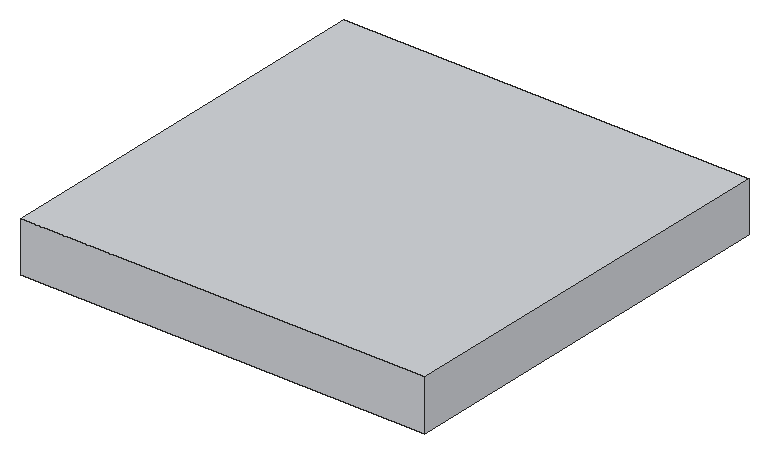
Revit family "Sanitary_Basins_DELABIE_121830-UNITO-wall-mounted-washbasin", category Modèles génériques, Revit 2018
Family settings
  Hôte = Face
  Peut héberger une armature = Non
  Cote de connecteur circulaire = Utiliser le diamètre
  Type d'élément = Normal
  Couper avec des vides une fois chargée = Non
  Partagée = Non
  Point de calcul de pièce = Non
Parameters
  Default Elevation = 1219.2 mm
Reference planes
  plane 1 "Centre (avant/arrière)": y = 0
  plane 2: z = 0
  plane 3 "Centre (gauche/droite)": x = 0
Forms (mm)
  Extrusion 1, solid
    sketch origin (0, 0, 0) x (1, 0, 0) y (0, 1, 0)
      loop
        line (-1219.2, 1219.2) -> (-1219.2, -1219.2) -> (1219.2, -1219.2) -> (1219.2, 1219.2) -> (-1219.2, 1219.2)
    from 0 to -304.8
Dimensions and locks
  aligned and locked: plane 2 to Extrusion 1
  aligned and locked: level to Extrusion 1
Nested families
  nested 1: "Sanitary_Basins_DELABIE_121830-UNITO-wall-mounted-washbasin" at (0, 0, 0), type "Default"
Definition of nested family "Sanitary_Basins_DELABIE_121830-UNITO-wall-mounted-washbasin"
  Parameters (values of type "Default")
    Youtube clip = ""
    Uniformat II Description = ""
    Uniformat II Code = ""
    Uniclass 2015 Name = "Sanitary fittings and accessories"
    Uniclass 2015 Code = "Pr_40_20"
    Uniclass 2.0 Description = ""
    Uniclass 2.0 Code = ""
    Uniclass 1.4 Description = ""
    Uniclass 1.4 Code = ""
    UNSPSC Code = "301815"
    Technical description = "https://www.delabie.com/products/121830"
    Region South America = "AR, BO, BR, CL, CO, EC, FK, GF, GY, PE, PY, SR, UY, VE"
    Region Oceania = "AU, FJ, NC, NZ, PG, SB, TL, VU"
    Region North America = "BS, BZ, CA, CR, CU, DO, GL, GT, HN, HT, JM, MX, NI, PA, PR, SV, TT, US"
    Region Middle East = "AE, AF, EG, IL, IQ, IR, JO, KW, LB, OM, PS, QA, SA, SY, TR, YE"
    Region Europe = "AL, AT, BA, BE, BG, BY, CH, CY, CZ, DE, DK, EE, ES, FI, FR, GB, GR, HR, HU, IE, IS, IT, LT, LU, LV, MD, ME, MK, NL, NO, PL, PT, RO, RS, RU, SE, SI, SJ, SK, UA"
    Region Asia = "AM, AZ, BD, BN, BT, CN, GE, ID, IN, JP, KG, KH, KP, KR, KZ, LA, LK, MM, MN, MY, NP, PH, PK, TH, TJ, TM, TW, UZ, VN"
    Region Antarctica = "TF"
    Region Africa = "AO, BF, BI, BJ, BW, CD, CF, CG, CI, CM, DJ, DZ, EH, ER, ET, GA, GH, GM, GN, GQ, GW, KE, LR, LS, LY, MA, MG, ML, MR, MW, MZ, NA, NE, NG, RW, SD, SL, SN, SO, SS, SZ, TD, TG, TN, TZ, UG, ZA, ZM, ZW"
    QR code = "http://bimobject.com/delabie/product/121830"
    Product url = "https://www.delabie.com/products/121830"
    Product name = "121830 UNITO wall mounted washbasin"
    Product group = "Washbasin"
    Product family = "Sanitary"
    Product data url = "https://bimobject.com/delabie/product/121830"
    Product certification = "https://www.delabie.com/products/121830"
    Product SKU = "121830"
    Product Guid = "f8a8be7c-52b8-4e4f-97a1-8befd0b13a09"
    OmniClass Description = ""
    OmniClass Code = ""
    NBS Reference Description = ""
    NBS Reference Code = ""
    Material secondary = ""
    Material main = "Stainless steel"
    Masterformat 2014 Description = ""
    Masterformat 2014 Code = ""
    Manufacturer name = "DELABIE"
    Manufacturer country = "Portugal"
    Installation instructions = "https://www.delabie.com/products/121830"
    IFC Classification = "Sanitary Terminal"
    GTIN code = "https://3456330183130"
    Edition number = 1
    Design country = "Portugal"
    Date of publishing = ""
    COBIe Type Category = ""
    Brand url = "http://www.delabie.com"
    BOS_1_Visibility = yes
    BOS_1_Material = none
    BOS_0_Visibility = yes
    BOS_0_Material = none
    BIMobject main category code = "sanitary"
    BIMobject main category = "Sanitary"
    BIMobject category code = "sanitary-basins"
    BIMobject category = "Basins"
  Reference planes
    plane 1 "Center (Front/Back)": y = 0
    plane 2: z = 0
    plane 3 "Center (Left/Right)": x = 0
  Dimensions and locks
    aligned and locked: level to plane 2
  Imported bodies without a history: 1
  Connectors
    piping at (0, -80, 170), diameter 32
      settings: on free form element, index 1, connector inside diameter 609.6 mm, connector length 0 mm, flow factor 0, pipe flow 0.0 L/s, pressure drop 0.0 Pa, fitting loss kfactor 0, connector angle 0.00°, fixture units 0, engagement length 0 mm, angle of deflection 0.00°, flow configuration 0, flow direction 0, fitting loss method 0, system type 7, joint type 0, gender type 0, connector reference index -1, connector utility 0, adjustable connector no, is connector primary yes, connector description ""
